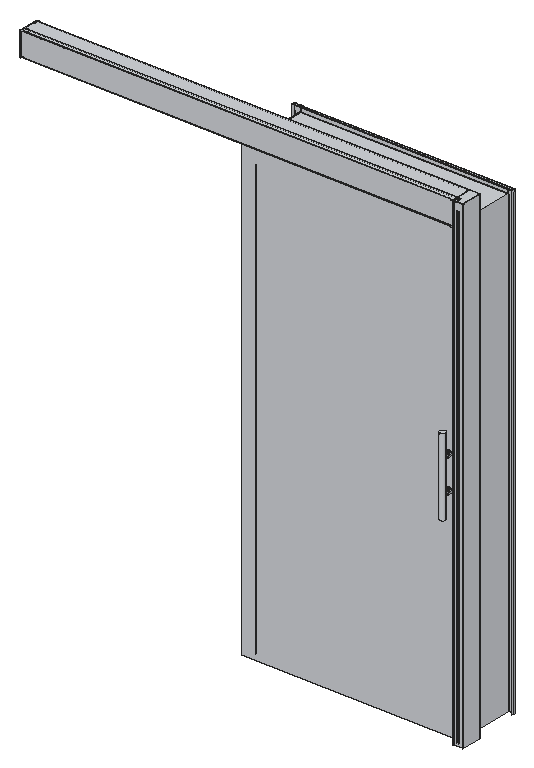
Revit family "R0000102", category Türen, Revit 2021 (continued)
Definition of nested family "JW-Türblatt-Schiebetürzargen_Modell-21"
  Parameters (values of type "JW Typ42 SK2 Professional")
    Aufdopplungslage = 240 mm
    Aufdopplungsbreite = 40 mm
    Aufdopplung = yes
  Reference planes
    plane 1: y = 109
    plane 2: z = 0
    plane 3: x = 31
    plane 4: x = 1016
    plane 5: y = 130
    plane 6: y = 88
    plane 7: z = 9.5
    plane 8: z = 2119.5
    plane 9: z = 1002.5
    plane 10 "Griff": x = 961
    plane 11 "LDB links": x = 71
    plane 12: x = 1015
    plane 13: x = 32
  Forms (mm)
    Extrusion 1, solid, material <- "Material - Türblatt", detail levels medium+fine
      sketch origin (0, 0, 0) x (1, 0, 0) y (0, 1, 0)
        loop
          line (31, 130) -> (31, 88) -> (1016, 88) -> (1016, 130) -> (31, 130)
      from 9.5 to 2119.5
    Extrusion 2, void
      sketch origin (31, -12.856, 0) x (0, 1, 0) y (0, 0, 1)
        loop
          line (130.856, 45.5) -> (112.856, 45.5) -> (112.856, 9.5) -> (130.856, 9.5) -> (130.856, 45.5)
      from 1 to 984
    Extrusion 3, solid, material <- "Material - Türblatt", visible <- "Aufdopplung", detail levels fine
      sketch origin (0, 0, 0) x (1, 0, 0) y (0, 1, 0)
        loop
          line (736, 133) -> (736, 130) -> (776, 130) -> (776, 133) -> (736, 133)
      from 9.5 to 2119.5
  Cuts and joins
    Extrusion 2 cuts Extrusion 1
  Dimensions and locks
    "Türblattstärke": plane 5 to plane 6
    "Türblattabstand unten": plane 7 to plane 2
    "TAB Türblatt Außenmaß Breite": plane 3 to plane 4
    "TAH Türblatt Außenmaß Höhe": plane 8 to plane 7
    equal spacing: plane 5, plane 1, plane 6
    "Griffposition": plane 3 to plane 10 "Griff"
    "Türblattreferenz": plane 11 "LDB links" to plane 4
    "Aufdopplungstiefe": Extrusion 3 sketch curve to Extrusion 3 sketch curve
    "Aufdopplungsbreite": Extrusion 3 sketch curve to Extrusion 3 sketch curve
    "Aufdopplungslage": Extrusion 3 to plane 4
    "Griffhöhe": plane 9 to plane 7
    "Führungsnutbreite": Extrusion 2 sketch curve to Extrusion 2 sketch curve
    equal spacing: Extrusion 2 sketch curve, plane 1, Extrusion 2 sketch curve
    "Führungsnuttiefe": Extrusion 2 sketch curve to Extrusion 2 sketch curve
    "Bekleidung": plane 3 to plane 13
    "Bekleidung": plane 12 to plane 4
    aligned and locked: level to plane 2
    aligned and locked: Extrusion 1 sketch curve to plane 4
    aligned and locked: Extrusion 1 sketch curve to plane 5
    aligned and locked: Extrusion 1 sketch curve to plane 6
    aligned and locked: plane 3 to Extrusion 1 sketch curve
    aligned and locked: Extrusion 1 to plane 7
    aligned and locked: Extrusion 1 to plane 8
    aligned and locked: plane 5 to Extrusion 3 sketch curve
    aligned and locked: Extrusion 3 to plane 8
    aligned and locked: plane 7 to Extrusion 2 sketch curve
    aligned and locked: plane 6 to nested 1
    aligned and locked: plane 5 to nested 2
    aligned and locked: nested 2 to plane 10 "Griff"
    aligned and locked: nested 1 to plane 10 "Griff"
    aligned and locked: plane 9 to nested 2
    aligned and locked: plane 9 to nested 1
    aligned and locked: Extrusion 3 to plane 7
    aligned and locked: plane 12 to Extrusion 2
    aligned and locked: Extrusion 2 to plane 13
  Automatic sketch dimensions
    Extrusion 3 sketch curve to plane 10 "Griff" = 225 mm
  Nested families
    nested 1: "JW-Griffstange_Modell-21" at (961, 88, 1002.5), visible <- "Griffstange", type "JW-Griffstange_Modell-21", detail levels fine
      with Grifftiefe 46 mm
    nested 2: "JW-Griffstange_Modell-21" at (961, 130, 1002.5) x (-1, 0, 0) z (0, 0, 1), visible <- "Griffstange", type "JW-Griffstange_Modell-21", detail levels fine
      with Grifftiefe 46 mm
  Definition of nested family "JW-Griffstange_Modell-21"
    Parameters (values of type "JW-Griffstange_Modell-21")
      Default Elevation = 0 mm
      URL = "www.jeld-wen.de"
      Material - Türgriff = none
      Manufacturer = "JELD-WEN Deutschland GmbH & Co. KG"
      Griffradius = 12.5 mm
      Grifflänge = 350 mm
      Grifftiefe = 60 mm
      Model = ""
      Description = "Griffstange"
      Keynote = "JW Modell"
      Jeld-Wen Architektenberatung = "Tel.: +49 9082 71333; E-Mail: architekten@jeldwen.com"
      Jeld-Wen Mediaportal = "https://oxomi.com/p/2025099"
      Abstand = 150 mm
    Reference planes
      plane 1: y = 0
      plane 2: z = 0
      plane 3: x = 0
      plane 4: z = 75
      plane 5: z = -75
      plane 6: y = -60
      plane 7: z = 175
      plane 8: z = -175
    Forms (mm)
      Extrusion 1, solid, material <- "Material - Türgriff"
        sketch origin (0, 0, -30) x (1, 0, 0) y (0, 0, 1)
          loop
            circle (0, 105) r 12.5
          loop
            circle (0, -45) r 12.5
        from 0 to 10
      Extrusion 2, solid, material <- "Material - Türgriff"
        sketch origin (0, 0, 0) x (1, 0, 0) y (0, 1, 0)
          loop
            circle (0, -60) r 12.5
        from -175 to 175
      Extrusion 3, solid, material <- "Material - Türgriff"
        sketch origin (0, 0, 0) x (1, 0, 0) y (0, 0, 1)
          loop
            circle (0, 75) r 5
          loop
            circle (0, -75) r 5
        from 10 to 60
    Cuts and joins
      joined: Extrusion 1, Extrusion 2, Extrusion 3
    Dimensions and locks
      equal spacing: plane 4, plane 2, plane 5
      "Abstand": plane 4 to plane 5
      equal spacing: plane 7, plane 2, plane 8
      "Grifflänge": plane 7 to plane 8
      "Grifftiefe": plane 1 to plane 6
      "Griffradius": radius of Extrusion 2 sketch curve
      "Griffradius": radius of Extrusion 1 sketch curve  (x2)
      aligned and locked: Extrusion 2 to plane 8
      aligned and locked: plane 7 to Extrusion 2
      aligned and locked: plane 6 to Extrusion 3
      aligned and locked: Extrusion 3 to Extrusion 1
    Automatic sketch dimensions
      Extrusion 3 sketch curve to plane 3 = 0 mm  (x2)
      Extrusion 3 sketch curve to plane 5 = 0 mm
      Extrusion 3 sketch curve to plane 4 = 0 mm
      Extrusion 1 sketch curve to plane 3 = 0 mm  (x2)
      Extrusion 1 sketch curve to plane 5 = 0 mm
      Extrusion 1 sketch curve to plane 4 = 0 mm
      Extrusion 2 sketch curve to plane 3 = 0 mm
      plane 6 to Extrusion 2 sketch curve = 0 mm
      radius of Extrusion 3 sketch curve = 5 mm  (x2)
Definition of nested family "BOS-Bügelanker-eckig_Detail-21"
  Parameters (values of type "BOS-Bügelanker-eckig_Detail-21")
    Wandkern sichtbar = yes
    Unterfütteung sichtbar = and(Unterfüttert, Unterfütterungsstärke > 1.5 mm)  # yes
    Unterfütterungsstärke = 5 mm
    Unterfütterungslänge = 100 mm
    Unterfütterung = if(Unterfütterungsstärke > 1.5 mm, Unterfütterungsstärke, 2 mm)  # 5 mm
    Unterfüttert = yes
    URL = "www.BestOfSteel.de"
    UA-Profil sichtbar = yes
    Rechtliche Hinweise = "www.BestOfSteel.de/tools-downloads/bim-building-information-modeling/"
    Putzwinkel vorne = 15 mm
    MW Maulweite = 200 mm
    Beplankungsstärke vorne = 25 mm
    Beplankungsstärke hinten = 25 mm
    Beplankung vorne sichtbar = yes
    Beplankung hinten sichtbar = yes
    BOS-Architekten-Beratung = "Tel.: +49 (0) 2572 203-203; E-Mail: architekten@BestOfSteel.de"
    Ankerlasche hinten = 20 mm
    Ankerabstand vorne = 1 mm
    Anker sichtbar = yes
    Technische Infos rund um die Stahlzarge = "www.BestOfSteel.de/tools-downloads/technische-infos-rund-um-die-stahlzarge/"
    Manufacturer = "BOS GmbH Best Of Steel, Lütkenfelde 4, D-48282 Emsdetten"
    Falzaufschlag gesamt = 15 mm
    Einfügepunkt = 30 mm
    Blechstärke = 1.5 mm
    Description = "Bügelanker eckig"
    Beplankungsabstand vorne 2 = 20 mm
    Beplankungsabstand vorne 1 = 10 mm
    Beplankungsabstand hinten 2 = 20 mm
    Beplankungsabstand hinten 1 = 10 mm
    Keynote = "BOS Detail"
    Acrylfuge vorne sichtbar = yes
    Acrylfuge hinten sichtbar = yes
  Reference planes
    plane 1: y = 0
    plane 2: z = 0
    plane 3: x = 0
    plane 4: y = 200
    plane 5: x = -50
    plane 6: x = -100
    plane 7: x = 43.5
    plane 8: x = 28.5
    plane 9: x = 30
    plane 10: x = 45
    plane 11: y = 175
    plane 12: y = 25
    plane 13: y = 100
    plane 14: y = 187.5
    plane 15: y = 12.5
    plane 16: x = 35
    plane 17: x = 25
    plane 18: x = 20
    plane 19: x = 10
    plane 20: y = -15
    plane 21: y = -13.5
    plane 22: y = -12.5
    plane 23: y = 190.5
    plane 24: y = 170.5
    plane 25: x = 5
    plane 26: y = 150
    plane 27: y = 50
    plane 28: x = 5
    plane 29: x = -5
  Lines and regions (mm)
    detail lines, in view "Ref.-Ebene", visible <- "UA-Profil sichtbar"
      curve 1: arc (0, 170, 0) -> (-1.464, 173.536, 0) -> (-5, 175, 0) r 5
      curve 2: arc (-5, 25, 0) -> (-1.464, 26.464, 0) -> (0, 30, 0) r 5
      curve 3: arc (-2, 170, 0) -> (-2.879, 172.121, 0) -> (-5, 173, 0) r 3
      curve 4: arc (-5, 27, 0) -> (-2.879, 27.879, 0) -> (-2, 30, 0) r 3
      curve 16: line (-50, 175, 0) -> (-50, 173, 0)
      curve 17: line (-50, 173, 0) -> (-5, 173, 0)
      curve 18: line (-5, 27, 0) -> (-50, 27, 0)
      curve 19: line (-50, 27, 0) -> (-50, 25, 0)
      curve 21: line (-2, 170, 0) -> (-2, 30, 0)
      curve 41: line (0, 170, 0) -> (0, 30, 0)
      curve 67: line (-50, 175, 0) -> (-5, 175, 0)
      curve 68: line (-50, 25, 0) -> (-5, 25, 0)
    detail lines, in view "Ref.-Ebene", visible <- "Anker sichtbar"
      curve 5: arc (5, 30.5, 0) -> (5.879, 28.379, 0) -> (8, 27.5, 0) r 3
      curve 6: arc (7, 30.5, 0) -> (7.293, 29.793, 0) -> (8, 29.5, 0) r 1
      curve 7: arc (26.5, 26.5, 0) -> (26.207, 27.207, 0) -> (25.5, 27.5, 0) r 1
      curve 8: arc (28.5, 26.5, 0) -> (27.621, 28.621, 0) -> (25.5, 29.5, 0) r 3
      curve 9: arc (8, 172.5, 0) -> (5.879, 171.621, 0) -> (5, 169.5, 0) r 3
      curve 10: arc (8, 170.5, 0) -> (7.293, 170.207, 0) -> (7, 169.5, 0) r 1
      curve 11: arc (40.5, 172.5, 0) -> (41.207, 172.793, 0) -> (41.5, 173.5, 0) r 1
      curve 12: arc (40.5, 170.5, 0) -> (42.621, 171.379, 0) -> (43.5, 173.5, 0) r 3
      curve 22: line (7, 169.5, 0) -> (7, 30.5, 0)
      curve 23: line (26.5, -12.5, 0) -> (26.5, 26.5, 0)
      curve 24: line (25.5, 27.5, 0) -> (8, 27.5, 0)
      curve 25: line (25.5, 29.5, 0) -> (8, 29.5, 0)
      curve 26: line (40.5, 172.5, 0) -> (8, 172.5, 0)
      curve 27: line (40.5, 170.5, 0) -> (8, 170.5, 0)
      curve 28: line (43.5, 173.5, 0) -> (43.5, 190.5, 0)
      curve 29: line (43.5, 190.5, 0) -> (41.5, 190.5, 0)
      curve 30: line (41.5, 190.5, 0) -> (41.5, 173.5, 0)
      curve 31: line (28.5, 26.5, 0) -> (28.5, -12.5, 0)
      curve 33: line (26.5, -12.5, 0) -> (28.5, -12.5, 0)
      curve 40: line (5, 30.5, 0) -> (5, 169.5, 0)
    detail lines, in view "Ref.-Ebene", visible <- "Beplankung hinten sichtbar"
      curve 13: line (-100, 200, 0) -> (35, 200, 0)
      curve 14: line (25, 175, 0) -> (-100, 175, 0)
      curve 20: line (25, 187.5, 0) -> (-100, 187.5, 0)
      curve 34: line (25, 175, 0) -> (25, 187.5, 0)
      curve 35: line (35, 187.5, 0) -> (35, 200, 0)
      curve 42: line (35, 187.5, 0) -> (-100, 187.5, 0)
    detail lines, in view "Ref.-Ebene", visible <- "Beplankung vorne sichtbar"
      curve 15: line (10, 25, 0) -> (-100, 25, 0)
      curve 32: line (20, 0, 0) -> (-100, 0, 0)
      curve 36: line (10, 25, 0) -> (10, 12.5, 0)
      curve 37: line (10, 12.5, 0) -> (-100, 12.5, 0)
      curve 38: line (20, 0, 0) -> (20, 12.5, 0)
      curve 39: line (20, 12.5, 0) -> (-100, 12.5, 0)
    detail lines, in view "Ref.-Ebene", visible <- "Acrylfuge hinten sichtbar"
      curve 43: line (35, 200, 0) -> (35, 192.694, 0)
      curve 44: arc (40, 201, 0) -> (37.648, 199.762, 0) -> (35, 200, 0) r 4.695
      curve 45: arc (40, 193, 0) -> (37.514, 192.62, 0) -> (35, 192.694, 0) r 13.906
      curve 46: line (40, 201, 0) -> (40, 193, 0)
    detail lines, in view "Ref.-Ebene", visible <- "Acrylfuge hinten sichtbar", not visible
      curve 47: line (134.497, 289.881, 0) -> (134.497, 282.575, 0)
      curve 48: arc (139.497, 290.881, 0) -> (137.144, 289.643, 0) -> (134.497, 289.881, 0) r 4.695
      curve 49: arc (139.497, 282.881, 0) -> (137.011, 282.501, 0) -> (134.497, 282.575, 0) r 13.906
      curve 50: line (139.497, 290.881, 0) -> (139.497, 282.881, 0)
    reference lines, in view "Ref.-Ebene"
      curve 51: line (41.105, 200, 0) -> (34.049, 200, 0)
      curve 52: line (40.883, 193, 0) -> (34.049, 193, 0)
      curve 59: line (26.105, 0, 0) -> (19.049, 0, 0)
      curve 60: line (25.883, 7, 0) -> (19.049, 7, 0)
    reference lines, in view "Ref.-Ebene", not visible
      curve 53: line (140.601, 289.881, 0) -> (133.546, 289.881, 0)
      curve 54: line (140.38, 282.881, 0) -> (133.546, 282.881, 0)
      curve 65: line (140.601, 275.881, 0) -> (133.546, 275.881, 0)
      curve 66: line (140.38, 282.881, 0) -> (133.546, 282.881, 0)
    detail lines, in view "Ref.-Ebene", visible <- "Acrylfuge vorne sichtbar"
      curve 55: line (20, 0, 0) -> (20, 7.306, 0)
      curve 56: arc (25, -1, 0) -> (22.648, 0.238, 0) -> (20, 0, 0) r 4.695
      curve 57: arc (25, 7, 0) -> (22.514, 7.38, 0) -> (20, 7.306, 0) r 13.906
      curve 58: line (25, -1, 0) -> (25, 7, 0)
    detail lines, in view "Ref.-Ebene", visible <- "Acrylfuge vorne sichtbar", not visible
      curve 61: line (134.497, 275.881, 0) -> (134.497, 283.187, 0)
      curve 62: arc (139.497, 274.881, 0) -> (137.144, 276.119, 0) -> (134.497, 275.881, 0) r 4.695
      curve 63: arc (139.497, 282.881, 0) -> (137.011, 283.261, 0) -> (134.497, 283.187, 0) r 13.906
      curve 64: line (139.497, 274.881, 0) -> (139.497, 282.881, 0)
    detail lines, in view "Ref.-Ebene", visible <- "Unterfütteung sichtbar"
      curve 69: line (0, 150, 0) -> (5, 150, 0)
      curve 70: line (5, 150, 0) -> (0, 50.059, 0)
      curve 71: line (0, 50.059, 0) -> (5, 50.059, 0)
      curve 72: line (5, 50.059, 0) -> (0, 150, 0)
      curve 73: line (0, 150, 0) -> (0, 50.059, 0)
      curve 74: line (5, 50.059, 0) -> (5, 150, 0)
    detail lines, in view "Ref.-Ebene", visible <- "Wandkern sichtbar"
      curve 75: line (-50, 25, 0) -> (0, 25, 0)
      curve 76: line (0, 25, 0) -> (0, 175, 0)
      curve 77: line (0, 175, 0) -> (-50, 175, 0)
      curve 78: line (-5, 175, 0) -> (-5, 25, 0)
  Dimensions and locks
    "MW Maulweite": plane 4 to plane 1
    plane 5 to plane 3 = 50 mm
    plane 6 to plane 3 = 100 mm
    "Blechstärke": plane 8 to plane 9
    "Einfügepunkt": plane 3 to plane 9
    "Blechstärke": plane 7 to plane 10
    "Falzaufschlag gesamt": plane 9 to plane 10
    equal spacing: plane 4, plane 13, plane 1
    "Beplankungsabstand vorne 1": plane 18 to plane 9
    "Beplankungsabstand vorne 2": plane 19 to plane 9
    "Beplankungsabstand hinten 2": plane 17 to plane 10
    "Beplankungsabstand hinten 1": plane 16 to plane 10
    "Putzwinkel vorne": plane 20 to plane 1
    "Blechstärke": plane 20 to plane 21
    "Ankerabstand vorne": plane 21 to plane 22
    "Ankerlasche hinten": plane 24 to plane 23
    plane 11 to plane 24 = 4.5 mm
    "Unterfütterungsstärke": plane 3 to plane 25
    "Beplankungsstärke hinten": plane 4 to plane 11
    "Beplankungsstärke vorne": plane 12 to plane 1
    "Unterfütterungslänge": plane 26 to plane 27
    equal spacing: plane 26, plane 13, plane 27
    "Unterfütterung": plane 3 to plane 28
    equal spacing: plane 4, plane 14, plane 11
    equal spacing: plane 12, plane 15, plane 1
    plane 29 to plane 3 = 5 mm
    radius of curve 1 = 5 mm
    radius of curve 9 = 3 mm
    radius of curve 5 = 3 mm
    radius of curve 8 = 3 mm
    radius of curve 12 = 3 mm
    radius of curve 2 = 5 mm
    aligned and locked: curve 59 to plane 1
    aligned and locked: curve 55 to plane 18
    aligned and locked: plane 4 to curve 51
    aligned and locked: curve 43 to plane 16
    aligned and locked: curve 74 to plane 28
    aligned and locked: curve 73 to plane 3
    aligned and locked: plane 5 to curve 77
    aligned and locked: plane 3 to curve 76
    aligned and locked: curve 75 to plane 12
    aligned and locked: plane 5 to curve 75
    aligned and locked: curve 78 to plane 29
    aligned and locked: plane 11 to curve 78
    aligned and locked: plane 12 to curve 78
  Automatic sketch dimensions
    curve 1 to curve 3 = 0 mm  (x9)
    curve 2 to curve 4 = 0 mm  (x10)
    curve 5 to curve 6 = 0 mm  (x10)
    curve 7 to curve 8 = 0 mm  (x10)
    curve 9 to curve 10 = 0 mm  (x10)
    curve 11 to curve 12 = 0 mm  (x10)
    curve 18 to curve 16 = 146 mm
    curve 18 to curve 18 = 45 mm
    curve 16 to curve 17 = 45 mm
    curve 1 to curve 21 = 3 mm
    curve 5 to curve 22 = 2 mm
    curve 6 to curve 25 = 1.414 mm  (x2)
    curve 10 to curve 26 = 3.162 mm
    curve 5 to curve 36 = 3.202 mm
    curve 36 to curve 38 = 16.008 mm
    curve 26 to curve 34 = 17.183 mm
    curve 15 to curve 24 = 15.7 mm
    curve 32 to curve 23 = 14.089 mm  (x2)
    curve 20 to curve 35 = 10 mm  (x3)
    curve 14 to curve 27 = 16.14 mm
    curve 11 to curve 30 = 1 mm
    curve 23 to curve 32 = 14.089 mm  (x2)
    curve 32 to curve 37 = 16.008 mm
    curve 36 to curve 36 = 12.5 mm
    curve 15 to curve 23 = 16.568 mm
    curve 6 to curve 22 = 139 mm
    curve 9 to curve 3 = 10.012 mm  (x2)
    curve 11 to curve 35 = 15.042 mm
    curve 35 to curve 29 = 9.014 mm
    curve 29 to curve 13 = 11.511 mm  (x2)
    curve 13 to curve 16 = 55.902 mm
    curve 32 to curve 19 = 55.902 mm  (x2)
    curve 15 to curve 32 = 25 mm
    curve 37 to curve 15 = 12.5 mm
    curve 16 to curve 18 = 146 mm
    curve 16 to curve 3 = 45.1 mm
    curve 2 to curve 21 = 3 mm
    curve 4 to curve 40 = 7.018 mm
    curve 40 to curve 22 = 2 mm
    curve 22 to curve 26 = 3.162 mm
    curve 5 to curve 37 = 15.133 mm
    curve 36 to curve 38 = 10 mm  (x2)
    curve 26 to curve 34 = 22.672 mm
    curve 15 to curve 25 = 16.14 mm
    curve 20 to curve 13 = 16.008 mm
    curve 14 to curve 26 = 15.7 mm
    curve 35 to curve 29 = 7.159 mm
    curve 32 to curve 38 = 12.5 mm
    curve 36 to curve 15 = 12.5 mm
    curve 38 to curve 7 = 15.042 mm
    curve 2 to curve 18 = 2 mm
    curve 5 to curve 40 = 139 mm
    curve 11 to curve 14 = 15.572 mm
    curve 35 to curve 28 = 9.014 mm
    curve 37 to curve 32 = 12.5 mm
    curve 15 to curve 37 = 12.5 mm
    curve 37 to curve 39 = 0 mm
    curve 52 to curve 51 = 0 mm
    curve 52 to curve 52 = 6.834 mm
    curve 52 to curve 51 = 0.222 mm
    curve 52 to curve 51 = 7 mm
    curve 54 to curve 53 = 0 mm
    curve 54 to curve 54 = 6.834 mm
    curve 54 to curve 53 = 0.222 mm
    curve 54 to curve 53 = 7 mm
    curve 55 to curve 57 = 1.665 mm
    curve 57 to curve 56 = 0.062 mm
    curve 56 to curve 58 = 3.273 mm
    curve 57 to curve 56 = 2.135 mm
    curve 56 to curve 58 = 3.365 mm
    curve 58 to curve 58 = 8 mm
    curve 60 to curve 59 = 0 mm
    curve 60 to curve 60 = 6.834 mm
    curve 60 to curve 59 = 0.222 mm
    curve 59 to curve 60 = 7 mm
    curve 61 to curve 63 = 1.665 mm
    curve 63 to curve 62 = 0.062 mm
    curve 62 to curve 64 = 3.273 mm
    curve 63 to curve 62 = 2.135 mm
    curve 62 to curve 64 = 3.365 mm
    curve 64 to curve 64 = 8 mm
    curve 66 to curve 65 = 0 mm
    curve 66 to curve 66 = 6.834 mm
    curve 66 to curve 65 = 0.222 mm
    curve 65 to curve 66 = 7 mm
    curve 39 to plane 6 = 0 mm
    curve 14 to plane 6 = 0 mm
    curve 15 to plane 6 = 0 mm
    curve 20 to plane 6 = 0 mm
    plane 1 to curve 32 = 0 mm
    curve 32 to plane 6 = 0 mm
    curve 37 to plane 6 = 0 mm
    curve 13 to plane 4 = 0 mm
    curve 13 to plane 6 = 0 mm
    curve 42 to plane 6 = 0 mm
    curve 16 to plane 5 = 0 mm
    curve 18 to plane 5 = 0 mm
    curve 3 to plane 29 = 0 mm
    curve 67 to plane 11 = 0 mm
    curve 67 to plane 29 = 0 mm
    curve 68 to plane 12 = 0 mm
    curve 68 to plane 29 = 0 mm
    curve 77 to plane 3 = 0 mm
    curve 40 to plane 25 = 0 mm
    curve 15 to plane 19 = 0 mm
    curve 38 to plane 15 = 0 mm
    curve 38 to plane 18 = 0 mm
    curve 14 to plane 17 = 0 mm
    plane 22 to curve 33 = 0 mm
    curve 31 to plane 8 = 0 mm
    curve 35 to plane 16 = 0 mm
    plane 24 to curve 12 = 0 mm
    plane 23 to curve 30 = 0 mm
    curve 28 to plane 7 = 0 mm
    curve 37 to plane 15 = 0 mm
    curve 72 to plane 26 = 0 mm
    curve 77 to plane 11 = 0 mm
    curve 42 to plane 14 = 0 mm
    curve 34 to plane 14 = 0 mm
    curve 21 to curve 1 = 2 mm
    curve 22 to curve 9 = 1 mm
    plane 12 to curve 8 = 1.5 mm
    plane 27 to curve 70 = 0.059 mm
Definition of nested family "BOS-Info-Texte_Beschriftung-21"
  Parameters (values of type "Drückerhöhe Warnung")
    Unten = yes
    Schwarz = yes
    Rot = no
    Oben = no
    Info-Text En unten = "Please take the handle depth/height and/or DIN opening direction into account!"
    Info-Text De unten = "Drückertiefen/-höhen und/oder DIN Richtungen beachten/anpassen!"
    Info-Text En oben = "Kein Text"
    Englisch unten rot = and(and(Unten, Englisch), Rot)  # no
    Englisch unten schwarz = and(and(Unten, Englisch), Schwarz)  # no
    Englisch oben rot = and(and(Oben, Englisch), Rot)  # no
    Englisch oben schwarz = and(and(Oben, Englisch), Schwarz)  # no
    Info-Text De oben = "Kein Text"
    Warndreieck = yes
    Fehlerkreis = no
    Englisch = no
    Deutsch unten rot = and(and(Unten, Deutsch), Rot)  # no
    Deutsch unten schwarz = and(and(Unten, Deutsch), Schwarz)  # yes
    Deutsch oben rot = and(and(Oben, Deutsch), Rot)  # no
    Deutsch oben schwarz = and(and(Oben, Deutsch), Schwarz)  # no
    Deutsch = not(Englisch)  # yes
    Ausrufezeichen = "!"
  Types (15, lengths in mm): name | Unten | Schwarz | Rot | Oben | Info-Text En unten | Info-Text De unten | Info-Text En oben | Info-Text De oben | Warndreieck | Fehlerkreis | Deutsch unten schwarz | Deutsch oben rot | Deutsch oben schwarz
    Rechtliche Hinweise | no | yes | no | yes | "Kein Text" | "Kein Text" | "In accordance with the protection note according to DIN 34, the ownership and copyrights are reserved!\r\n© 2016 BOS GmbH, Emsdetten, Germany -\r\nObserve the ISO 16016 protective label (see ID data)!\r\n\r\nSubject to technical change!" | "Entsprechend dem Schutzvermerk nach DIN 34 behalten wir uns Eigentum und Urheberrecht vor!\r\n© 2016 BOS GmbH, Emsdetten, Deutschland -\r\nSchutzvermerk ISO 16016 beachten (siehe ID-Daten)!\r\n\r\nTechnische Änderungen vorbehalten!" | no | no | no | no | yes
    Maulweite Fehlermeldung | no | yes | no | yes | "Kein Text" | "Kein Text" | "Check the wall thickness!" | "Wandstärke prüfen!" | no | yes | no | no | yes
    Verstellbereich | no | yes | no | yes | "Kein Text" | "Kein Text" | "Adjustment area from -5 to +15mm,\r\nother adjustment areas possible" | "Verstellbereich von -5 bis +15mm\r\nanderer Verstellbereich möglich" | no | no | no | no | yes
    Verstellbereich wSvdW | no | yes | no | yes | "Kein Text" | "Kein Text" | "Adjustment area in the soffit from -2 to +15mm,\r\nother adjustment areas possible" | "Verstellbereich in der Zargenleibung von -2 bis +15mm\r\nanderer Verstellbereich möglich" | no | no | no | no | yes
    Wandartauswahl 15Nz15Z | no | yes | no | yes | "Kein Text" | "Kein Text" | "Attention for stud walls: underlay from site required!\r\nFor DIN door leaves, select larger structural wall measurements.\r\nFor selection \"stud walls\":\r\nsee 'Features' (remove tick for brick walls)" | "Achtung bei Ständerwerk: bauseitige Unterfütterung erforderlich!\r\nBei DIN-Türblatt Rohbaumaße größer wählen.\r\nFür Auswahl \"Ständerwerk\": \r\nsiehe 'Eigenschaften' (Häkchen entfernen bei Mauerwerk)." | no | no | no | no | yes
    Technische Hinweise | no | yes | no | yes | "Kein Text" | "Kein Text" | "Due to manufacturing reasons this Revit family may not be changed\r\nwithout consulting BOS!\r\n\r\nDo not mirror frames (door list)!\r\nsee ‘Features’: DIN left / DIN right\r\n\r\nThe solid and stud walls or, for example, their profiles,\r\nmust be designed so that they can reliably and sustainably\r\nabsorb the static and dynamic forces resulting\r\nfrom the load on the door element used." | "Diese Revit-Familie darf aus fertigungstechnischen Gründen\r\nnicht ohne Rücksprache mit BOS abgeändert werden!\r\n\r\nZargen nicht spiegeln (Türliste)!\r\nsiehe 'Eigenschaften': DIN links / DIN rechts\r\n\r\nDie Massiv- und Ständerwerkswände bzw. deren Profile\r\nmüssen so ausgebildet sein, dass sie die statischen\r\nund dynamischen Kräfte, welche sich aus der Belastung\r\ndes verwendeten Türelements ergeben, zuverlässig\r\nund nachhaltig aufnehmen können." | no | no | no | no | yes
    Drückerhöhe Warnung | yes | yes | no | no | "Please take the handle depth/height and/or DIN opening direction into account!" | "Drückertiefen/-höhen und/oder DIN Richtungen beachten/anpassen!" | "Kein Text" | "Kein Text" | yes | no | yes | no | no
    Maulweite-Dehnungsfuge Fehlermeldung | no | yes | no | yes | "Kein Text" | "Kein Text" | "Check the wall thickness and/or expansion joint!" | "Wandstärke und/oder Dehnungsfuge prüfen!" | no | yes | no | no | yes
    Technische Hinweise Norm | no | yes | no | yes | "Kein Text" | "Kein Text" | "Due to manufacturing reasons this Revit family may not be changed\r\nwithout consulting BOS!\r\n\r\nThe solid and stud walls or, for example, their profiles,\r\nmust be designed so that they can reliably and sustainably\r\nabsorb the static and dynamic forces resulting\r\nfrom the load on the door element used." | "Diese Revit-Familie darf aus fertigungstechnischen Gründen\r\nnicht ohne Rücksprache mit BOS abgeändert werden!\r\n\r\nDie Massiv- und Ständerwerkswände bzw. deren Profile\r\nmüssen so ausgebildet sein, dass sie die statischen\r\nund dynamischen Kräfte, welche sich aus der Belastung\r\ndes verwendeten Türelements ergeben, zuverlässig\r\nund nachhaltig aufnehmen können." | no | no | no | no | yes
    Maßauswahl | no | no | yes | yes | "Kein Text" | "Kein Text" | "To choose  Rebate Width/Height Measurement, Receiving Opening\r\nsee 'Features'" | "Auswahl von FMB, FMH, MW\r\nunter 'Eigenschaften'" | no | no | no | yes | no
    Rohbaumaß Warnung (Spiegelbreiten) | no | yes | no | yes | "Kein Text" | "Kein Text" | "For DIN door leaves, select larger structural wall measurements!\r\nWhen changing the architrave widths, the structural measurements change accordingly." | "Bei DIN-Türblatt Rohbaumaße größer wählen!\r\nBei Änderung der Spiegelbreiten, Rohbaumaße beachten." | no | no | no | no | yes
    Drehpunkt Warnung | no | yes | no | yes | "Kein Text" | "Kein Text" | "The actual pivot point of the door leaf\r\nmay differ from the one illustrated!" | "Der tatsächliche Drehpunkt des Türblattes\r\nkann von der Darstellung abweichen!" | no | no | no | no | yes
    Türblattgewicht Hinweis | no | yes | no | yes | "Kein Text" | "Kein Text" | "Attention! Take door leaf weight into account!\r\nSee Webseite" | "Achtung! Türblattgewicht beachten!\r\nSiehe Webseite" | no | no | no | no | yes
    Pendeltürbänder Hinweis | no | yes | no | yes | "Kein Text" | "Kein Text" | "Please observe the instructions for the double action spring hinges\r\ngiven by the door hinge manufacturer Frivado\r\nregarding door leaf width, height and thickness!" | "Die Angaben zu den Pendeltürbändern\r\ndes Herstellers Fridavo beachten: zu \r\nTürblattbreite, -höhe, -dicke und -gewicht!" | no | no | no | no | yes
    Rohbaumaß Warnung | no | yes | no | yes | "Kein Text" | "Kein Text" | "For DIN door leaves, select larger structural wall measurements!" | "Bei DIN-Türblatt Rohbaumaße größer wählen!" | no | no | no | no | yes
  Reference planes
    plane 1: y = 0.955
    plane 2: x = 0
  Lines and regions (mm)
    Filled region 1, type "Gefüllter Bereich Gelb", visible <- "Warndreieck"
      outline origin (-7.188, 1.747, 0) x (1, 0, 0) y (0, 1, 0)
        loop
          line (5.951, -3.033) -> (8.413, -3.033) -> (7.182, -0.9) -> (5.951, -3.033)
    Filled region 2, type "Gefüllter Bereich Rot", visible <- "Fehlerkreis"
      outline origin (0, -3.763, 0) x (1, 0, 0) y (0, 1, 0)
        loop
          circle (0, 3.1) r 1.5
        loop
          line (-0.937, 3.486) -> (-0.937, 2.686) -> (1.023, 2.686) -> (1.023, 3.486) -> (-0.937, 3.486)
    Filled region 3, type "Gefüllter Bereich Weiss", visible <- "Fehlerkreis"
      outline origin (-7.014, -2.062, 0) x (1, 0, 0) y (0, 1, 0)
        loop
          line (6.077, 1.785) -> (6.077, 0.985) -> (8.038, 0.985) -> (8.038, 1.785) -> (6.077, 1.785)
  Text (mm)
    label "Info-Text De oben schwarz" at (0.065, 1.415, 0), shows "Info-Text De oben", visible <- "Deutsch oben schwarz"
    label "!" at (0.065, -0.414, 0), shows "Ausrufezeichen", visible <- "Warndreieck"
    label "Info-Text En oben schwarz" at (0.065, 1.415, 0), shows "Info-Text En oben", visible <- "Englisch oben schwarz"
    label "Info-Text De unten schwarz" at (0.218, -2.468, 0), shows "Info-Text De unten", visible <- "Deutsch unten schwarz"
    label "Info-Text En unten schwarz" at (0.065, -2.419, 0), shows "Info-Text En unten", visible <- "Englisch unten schwarz"
    label "Info-Text En oben rot" at (0.065, 1.415, 0), shows "Info-Text En oben", visible <- "Englisch oben rot"
    label "Info-Text En unten rot" at (0.065, -2.419, 0), shows "Info-Text En unten", visible <- "Englisch unten rot"
    label "Info-Text De unten rot" at (0.065, -2.419, 0), shows "Info-Text De unten", visible <- "Deutsch unten rot"
    label "Info-Text De oben rot" at (-0.371, 1.396, 0), shows "Info-Text De oben", visible <- "Deutsch oben rot"
Definition of nested family "BOS-Logo_Modell-21"
  Parameters (values of type "BOS-Logo_Modell-21")
    Default Elevation = 0 mm
    URL = "www.BestOfSteel.de"
    Rechtliche Hinweise = "www.BestOfSteel.de/tools-downloads/bim-building-information-modeling/"
    Description = "BOS Logo"
    Keynote = "BOS Logo"
    BOS-Architekten-Beratung = "Tel.: +49 (0) 2572 203-203; E-Mail: architekten@BestOfSteel.de"
    Technische Infos rund um die Stahlzarge = "www.BestOfSteel.de/tools-downloads/technische-infos-rund-um-die-stahlzarge/"
    Abstand vertikal = 10 mm
    Abstand horizontal = 8.5 mm
  Reference planes
    plane 1: y = 0
    plane 2: z = 0
    plane 3: x = 0
    plane 4: x = -7
    plane 5: x = 7
    plane 6: y = 8.299
    plane 7: x = 8.5
    plane 8: y = 4.15
    plane 9: x = -8.5
    plane 10: y = 14.15
    plane 11: y = -5.85
  Dimensions and locks
    plane 4 to plane 3 to plane 5 = 7 mm, 7 mm
    "Abstand vertikal": plane 11 to plane 8 to plane 10
    plane 6 to plane 8 to plane 1 = 4.15 mm, 4.15 mm
    "Abstand horizontal": plane 9 to plane 3
    "Abstand horizontal": plane 3 to plane 7
    aligned and locked: level to plane 2
